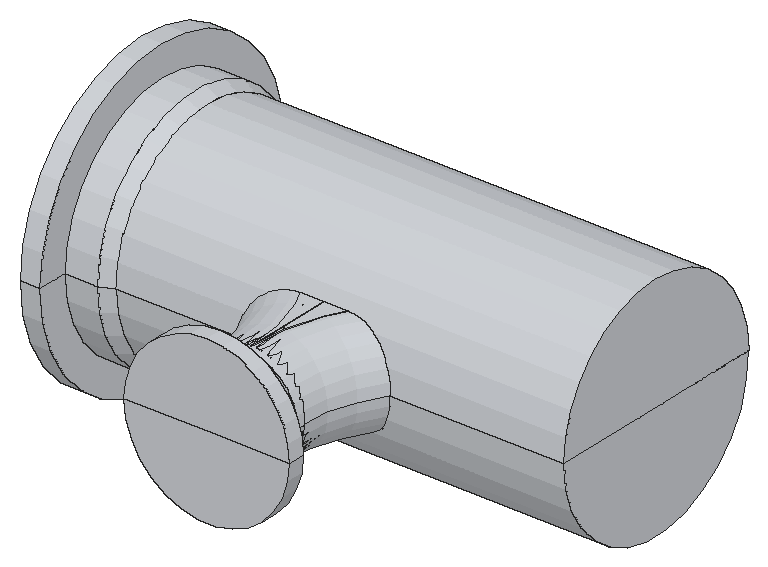
Revit family "17cc69919ad2411ba3721a3349d638bd", category Pipe Fittings, Revit 2021
Family settings
  Round Connector Dimension = Use Radius
  Part Type = Tee
  OmniClass Number = 23.60.30.11.14
  OmniClass Title = Pipework Fittings
  Seek Item ID = Tee - PVC - Sch 40-0000-USA-ENU
  Work Plane-Based = No
  Always vertical = Yes
  Cut with Voids When Loaded = No
  Shared = No
Parameters (values of type "Standard")
  Visibility 1 [instance] = Angle = 90.00°  # yes
  Tick Size 2 [instance] = Fitting Outside Diameter 2 * 0.4  # 2.7760"
  Tick Size 1 [instance] = Fitting Outside Diameter 1 * 0.4  # 6.1200"
  Socket Outside Radius 2 [instance] = Socket Outside Diameter 2 / 2  # 3.8050"
  Socket Outside Radius 1 [instance] = Socket Outside Diameter 1 / 2  # 8.0950"
  Socket Outside Diameter 1 [instance] = size_lookup(Lookup Table Name, "SOD", 1.08 * Nominal Diameter 1 + 1.1300", Nominal Diameter 1)  # 16.1900"
  Socket Outside Diameter 2 [instance] = size_lookup(Lookup Table Name, "SOD", 1.08 * Nominal Diameter 2 + 1.1300", Nominal Diameter 2)  # 7.6100"
  Socket Depth 2 [instance] = if(Nominal Diameter 2 < 14.0000", 2.5000", if(Nominal Diameter 2 < 30.0000", 3.5000", 4.0000"))  # 2.5000"
  Socket Depth 1 [instance] = if(Nominal Diameter 1 < 14.0000", 2.5000", if(Nominal Diameter 1 < 30.0000", 3.5000", 4.0000"))  # 3.5000"
  Nominal Radius 2 [instance] = 3.0000"
  Nominal Diameter 2 [instance] = Nominal Radius 2 * 2  # 6.0000"
  Lookup Table Name = "Tee Reducing - MJ x PE - GI - Class 150"
  Length 1 [instance] = Socket Depth 2 + Bevel Length 2  # 3.1700"
  Fitting Outside Radius 2 [instance] = Fitting Outside Diameter 2 / 2  # 3.4700"
  Fitting Outside Radius 1 [instance] = Fitting Outside Diameter 1 / 2  # 7.6500"
  Fitting Outside Diameter 2 [instance] = size_lookup(Lookup Table Name, "FOD", 1.04 * Nominal Diameter 2 + 0.7000", Nominal Diameter 2)  # 6.9400"
  Fitting Outside Diameter 1 [instance] = size_lookup(Lookup Table Name, "FOD", 1.04 * Nominal Diameter 1 + 0.7000", Nominal Diameter 1)  # 15.3000"
  Nominal Radius 1 [instance] = 7.0000"
  Nominal Diameter 1 [instance] = Nominal Radius 1 * 2  # 14.0000"
  Loss Method = K Coefficient from Table
  K Coefficient Table = "Tee"
  Default Elevation = 0.0000"
  Bevel Length 2 [instance] = size_lookup(Lookup Table Name, "BvLgt", 0.04 * Nominal Diameter 2 + 0.4300", Nominal Diameter 2)  # 0.6700"
  Bevel Length 1 [instance] = size_lookup(Lookup Table Name, "BvLgt", 0.04 * Nominal Diameter 1 + 0.4300", Nominal Diameter 1)  # 0.8900"
  Center to Socket Bottom 3 Label [instance] = if(Center Radius > Center to Socket Bottom 3, Center Radius + 7.0000", Center to Socket Bottom 3)  # 16.6200"
  Center to Socket Bottom 3 [instance] = size_lookup(Lookup Table Name, "CtSB3", 0.41 * Nominal Diameter 1 + 9.7000", Nominal Diameter 1, Nominal Diameter 2)  # 16.6200"
  Center to Socket Bottom 2 [instance] = size_lookup(Lookup Table Name, "CtSB2", 5.4000" + 0.56 * Nominal Diameter 1 + 0.05 * Nominal Diameter 2, Nominal Diameter 1, Nominal Diameter 2)  # 14.0000"
  Center to Socket Bottom 1 [instance] = size_lookup(Lookup Table Name, "CtSB1", 5.4800" + 0.3 * Nominal Diameter 1 + 0.3 * Nominal Diameter 2, Nominal Diameter 1, Nominal Diameter 2)  # 14.0000"
  Center to End 3 Label [instance] = if((Center to End 2 - Gland Width 2) * tan(Angle 1 / 2) > Gland Outside Radius 1, Center to Socket Bottom 3 Label, Gland Outside Radius 1 / tan(Angle 1 / 2) + Gland Width 2)  # 16.6200"
  Center to End 2 Label [instance] = if((Center to End 2 - Gland Width 2) * tan(Angle 1 / 2) > Gland Outside Radius 1, Center to End 2, Gland Outside Radius 1 / tan(Angle 1 / 2) + Gland Width 2)  # 16.5000"
  Center to End 2 [instance] = Center to Socket Bottom 2 + Socket Depth 2  # 16.5000"
  Center to End 1 Label [instance] = if((Center to End 2 - Gland Width 2) * tan(Angle 1 / 2) > Gland Outside Radius 1, Center to End 1, Gland Outside Radius 1 / tan(Angle 1 / 2) + Gland Width 2)  # 17.5000"
  Center to End 1 [instance] = Center to Socket Bottom 1 + Socket Depth 1  # 17.5000"
  Center Radius Label [instance] = if(Center to Socket Bottom 2 - Center Radius - Bevel Length 2 < 0.5000", Center to Socket Bottom 2 - Bevel Length 2 - 0.5000", Center Radius)  # 12.8300"
  Center Radius [instance] = size_lookup(Lookup Table Name, "CRad", 4.4800" + 0.3 * Nominal Diameter 1 + 0.33 * Nominal Diameter 2, Nominal Diameter 1, Nominal Diameter 2)  # 13.1100"
  Gland Width 2 [instance] = size_lookup(Lookup Table Name, "GWid", 0.03 * Nominal Diameter 2 + 0.9400", Nominal Diameter 2)  # 1.1200"
  Gland Width 1 [instance] = size_lookup(Lookup Table Name, "GWid", 0.03 * Nominal Diameter 1 + 0.9400", Nominal Diameter 1)  # 1.3100"
  Gland Outside Radius 2 [instance] = Gland Outside Diameter 2 / 2  # 5.4950"
  Gland Outside Radius 1 [instance] = Gland Outside Diameter 1 / 2  # 10.1250"
  Gland Outside Diameter 2 [instance] = size_lookup(Lookup Table Name, "GOD", 1.16 * Nominal Diameter 2 + 4.0300", Nominal Diameter 2)  # 10.9900"
  Gland Outside Diameter 1 [instance] = size_lookup(Lookup Table Name, "GOD", 1.16 * Nominal Diameter 1 + 4.0300", Nominal Diameter 1)  # 20.2500"
  Angle 1 [instance] = if(Angle > 90.00°, 180.00° - Angle, Angle)  # 90.00°
  Angle [instance] = 90.00°
Reference planes (in)
  plane 1 "Center (Front/Back)": y = 0
  plane 2: z = 0
  plane 3 "Center (Left/Right)": x = 0
  plane 4: y = -14
  plane 5: y = 10.125
  plane 6: y = 8.095
  plane 7: y = 7.65
  plane 8: x = -17.5
  plane 9: x = -16.19
  plane 10: x = -13.11
  plane 11: x = -14
  plane 12: x = 16.62
  plane 13: y = -13.33
  plane 14: y = -12.83
  plane 15: x = -12.83
  plane 16: x = 12.83
  plane 17: z = 3.47
  plane 18: z = -3.47
  plane 19: y = 6.12
  plane 20: y = -6.12
Forms (in)
  Revolve 1, solid, detail levels fine
    sketch origin (0, 0, 0) x (1, 0, 0) y (0, 1, 0)
      loop
        line (-17.5, 0) -> (16.62, 0) -> (16.62, 7.65) -> (-13.11, 7.65) -> (-14, 8.095) -> (-16.19, 8.095) -> (-16.19, 10.125) -> (-17.5, 10.125) -> (-17.5, 0)
      axis (-17.5, 0) -> (16.62, 0)
    angle from 0 to 360
  Sweep 2, solid, visible <- "Visibility 1", detail levels fine
    path origin (0, 0, 0) x (1, 0, 0) y (0, 1, 0)
      loop
        arc (-12.83, 0) -> (-3.75782, -3.75782) -> (0, -12.83) r 12.83
        line (0, -12.83) -> (0, -13.33)
    profile origin (0, -12.83, 0) x (1, 0, 0) y (0, 0, 1)
      loop
        circle (0, 0) r 3.47
  Sweep 3, solid, visible <- "Visibility 1", detail levels fine
    path origin (0, 0, 0) x (-1, 0, 0) y (0, 1, 0)
      loop
        arc (-12.83, 0) -> (-3.75782, -3.75782) -> (0, -12.83) r 12.83
        line (0, -12.83) -> (0, -13.33)
    profile origin (0, -12.83, 0) x (1, 0, 0) y (0, 0, 1)
      loop
        circle (0, 0) r 3.47
  Extrusion 4, solid, visible <- "Visibility 1", detail levels fine
    sketch origin (0, 0, 0) x (1, 0, 0) y (0, 1, 0)
      loop
        arc (-12.83, 0) -> (-3.75782, -3.75782) -> (0, -12.83) r 12.83
        arc (0, -12.83) -> (3.75782, -3.75782) -> (12.83, 0) r 12.83
        line (12.83, 0) -> (-12.83, 0)
    from -3.47 to 3.47
  Revolve 5, solid, detail levels fine
    sketch origin (0, 0, 0) x (0, -1, 0) y (1, 0, 0)
      loop
        line (16.5, 0) -> (0, 0) -> (0, -3.47) -> (13.33, -3.47) -> (14, -3.805) -> (15.38, -3.805) -> (15.38, -5.495) -> (16.5, -5.495) -> (16.5, 0)
      axis (0, 0) -> (16.5, 0)
    angle from 0 to 360
Cuts and joins
  joined: Revolve 1, Revolve 5
Lines and regions (in)
  model lines, detail levels coarse+medium
    curve 1: line (-17.5, 6.12, 0) -> (-17.5, -6.12, 0)
    curve 2: line (16.62, 6.12, 0) -> (16.62, -6.12, 0)
    curve 5: line (-2.776, -16.5, 0) -> (2.776, -16.5, 0)
  model lines, style "PipeFitting", detail levels coarse+medium
    curve 3: line (-17.5, 0, 0) -> (16.62, 0, 0)
    curve 6: line (0, 0, 0) -> (0, -16.5, 0)
  reference lines, not visible
    curve 4: line (0, 0, 0) -> (0, -16.5, 0)
Dimensions and locks (in)
  "Center to Socket Bottom 2": plane 4 to plane 1 "Center (Front/Back)"
  "Fitting Outside Radius 1": plane 7 to plane 1 "Center (Front/Back)"
  "Socket Outside Radius 1": plane 6 to plane 1 "Center (Front/Back)"
  "Gland Outside Radius 1": plane 5 to plane 1 "Center (Front/Back)"
  "Gland Width 1": plane 8 to plane 9
  "Socket Depth 1": plane 8 to plane 11
  "Bevel Length 1": plane 11 to plane 10
  "Bevel Length 2": plane 13 to plane 4
  "Center Radius Label": plane 1 "Center (Front/Back)" to plane 14
  "Center Radius Label": plane 15 to plane 3 "Center (Left/Right)"
  "Center Radius Label": plane 3 "Center (Left/Right)" to plane 16
  "Fitting Outside Radius 2": plane 17 to plane 2
  "Fitting Outside Radius 2": plane 18 to level
  "Tick Size 1": plane 1 "Center (Front/Back)" to plane 20
  "Tick Size 1": plane 19 to plane 1 "Center (Front/Back)"
  "Center to End 3 Label": plane 3 "Center (Left/Right)" to plane 12
  "Center to End 1 Label": plane 8 to plane 3 "Center (Left/Right)"
  "Center to End 2 Label": curve 4 to curve 4
  "Center to End 2 Label": Revolve 5 sketch curve to Revolve 5 sketch curve
  "Fitting Outside Radius 2": Revolve 5 sketch curve to Revolve 5 sketch curve
  "Gland Width 2": Revolve 5 sketch curve to Revolve 5 sketch curve
  "Socket Depth 2": Revolve 5 sketch curve to Revolve 5 sketch curve
  "Gland Outside Radius 2": Revolve 5 sketch curve to Revolve 5 sketch curve
  "Socket Outside Radius 2": Revolve 5 sketch curve to Revolve 5 sketch curve
  "Length 1": Revolve 5 sketch curve to Revolve 5 sketch curve
  "Tick Size 2": curve 5 to curve 4
  "Tick Size 2": curve 4 to curve 5
  "Center to End 2 Label": curve 6 to curve 6
  "Center Radius Label": radius of Sweep 2 sketch curve
  "Fitting Outside Radius 2": radius of Sweep 2 sketch curve
  "Center Radius Label": radius of Sweep 3 sketch curve
  "Fitting Outside Radius 2": radius of Sweep 3 sketch curve
  "Center Radius Label": radius of Extrusion 4 sketch curve  (x2)
  "Angle": angle curve 4 to plane 1 "Center (Front/Back)"
  "Angle": angle Revolve 5 sketch curve to plane 1 "Center (Front/Back)"
  locked: curve 4 to curve 5 (angle 90.00°)
  "Angle": angle curve 6 to plane 1 "Center (Front/Back)"
  aligned and locked: plane 1 "Center (Front/Back)" to Revolve 1 sketch curve
  aligned and locked: plane 8 to Revolve 1 sketch curve
  aligned and locked: Revolve 1 sketch curve to plane 5
  aligned and locked: Revolve 1 sketch curve to plane 7
  aligned and locked: Revolve 1 sketch curve to plane 6
  aligned and locked: plane 12 to Revolve 1 sketch curve
  aligned and locked: Revolve 1 sketch curve to plane 9
  aligned and locked: Revolve 1 sketch curve to Revolve 1 sketch curve
  aligned and locked: plane 11 to Revolve 1 sketch curve
  aligned and locked: plane 10 to Revolve 1 sketch curve
  aligned and locked: plane 14 to Sweep 2 sketch curve
  aligned and locked: plane 15 to Sweep 2 sketch curve
  aligned and locked: plane 16 to Sweep 3 sketch curve
  aligned and locked: plane 14 to Sweep 3 sketch curve
  aligned and locked: plane 15 to Extrusion 4 sketch curve  (x2)
  aligned and locked: plane 14 to Extrusion 4 sketch curve  (x3)
  aligned and locked: plane 16 to Extrusion 4 sketch curve  (x3)
  aligned and locked: plane 1 "Center (Front/Back)" to Extrusion 4 sketch curve  (x2)
  aligned and locked: plane 18 to Extrusion 4
  aligned and locked: plane 17 to Extrusion 4
  aligned and locked: plane 20 to curve 2
  aligned and locked: plane 19 to curve 2
  aligned and locked: plane 12 to curve 2
  aligned and locked: plane 20 to curve 1
  aligned and locked: plane 19 to curve 1
  aligned and locked: curve 1 to plane 8
  aligned and locked: plane 1 "Center (Front/Back)" to curve 3
  aligned and locked: plane 8 to curve 3
  aligned and locked: plane 12 to curve 3
  aligned and locked: plane 3 "Center (Left/Right)" to curve 4
  aligned and locked: plane 1 "Center (Front/Back)" to curve 4
  aligned and locked: plane 3 "Center (Left/Right)" to Revolve 5 sketch curve
  aligned and locked: plane 1 "Center (Front/Back)" to Revolve 5 sketch curve
  aligned and locked: Revolve 5 sketch curve to Revolve 5 sketch curve  (x3)
  aligned and locked: plane 13 to Sweep 2 sketch curve
  aligned and locked: plane 13 to Sweep 3 sketch curve
  aligned and locked: curve 5 to curve 4
  aligned and locked: plane 3 "Center (Left/Right)" to curve 6
Automatic sketch dimensions
  Revolve 1 sketch curve to plane 8 = 1.01143"
  Revolve 1 sketch curve to plane 12 = 1.76143"
  Sweep 2 sketch curve to level = 0.0000"
  profile plane to Sweep 2 sketch curve = 0.0000"
  Sweep 3 sketch curve to level = 0.0000"
  profile plane to Sweep 3 sketch curve = 0.0000"
  Extrusion 4 sketch curve to plane 15 = 0.0000"
Connectors (in)
  piping at (-17.5, 0, 0), diameter 14, driven by "Nominal Radius 1"
    settings: on Revolve 1, index 1, connector inside diameter 14.0000", connector length 0.0000", flow factor 0, pipe flow 0 GPM, pressure drop 0.00 psi, fitting loss kfactor 0, connector angle 0.00°, fixture units 0, engagement length 0.0000", angle of deflection 0.00°, flow configuration 0, flow direction 0, fitting loss method 0, system type 28, joint type 0, gender type 0, connector reference index 2, connector utility 0, adjustable connector no, is connector primary yes, connector description ""
  piping at (16.62, 0, 0), diameter 14, driven by "Nominal Radius 1"
    settings: on cut or joined group of Revolve 1, Revolve 5, index 2, connector inside diameter 14.0000", connector length 0.0000", flow factor 0, pipe flow 0 GPM, pressure drop 0.00 psi, fitting loss kfactor 0, connector angle 0.00°, fixture units 0, engagement length 0.0000", angle of deflection 0.00°, flow configuration 0, flow direction 0, fitting loss method 0, system type 28, joint type 0, gender type 0, connector reference index 1, connector utility 0, adjustable connector no, is connector primary no, connector description ""
  piping at (0, -16.5, 0), diameter 6, driven by "Nominal Radius 2", driven by "Angle"
    settings: on cut or joined group of Revolve 1, Revolve 5, index 3, connector inside diameter 6.0000", connector length 0.0000", flow factor 0, pipe flow 0 GPM, pressure drop 0.00 psi, fitting loss kfactor 0, connector angle 90.00°, fixture units 0, engagement length 0.0000", angle of deflection 0.00°, flow configuration 0, flow direction 0, fitting loss method 0, system type 28, joint type 0, gender type 0, connector reference index -1, connector utility 0, adjustable connector no, is connector primary no, connector description ""
